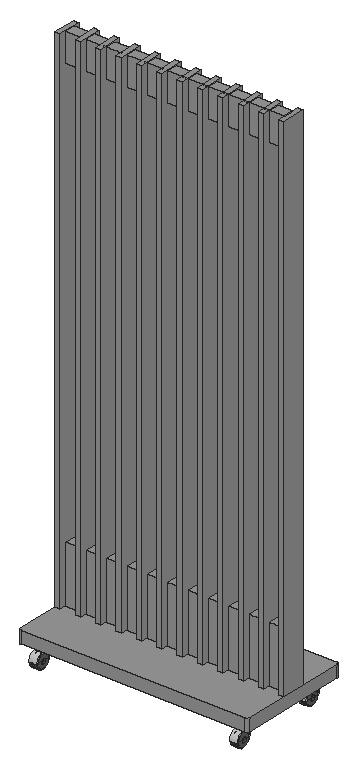
Revit family "ThinkingWall Slatted Screen", category Generic Models, Revit 2023
Family settings
  Can host rebar = No
  Round Connector Dimension = Use Diameter
  Part Type = Normal
  Work Plane-Based = No
  Always vertical = Yes
  Cut with Voids When Loaded = No
  Maintain Annotation Orientation = No
  Shared = No
  Room Calculation Point = No
Parameters (values of type "ThinkingWall® Slatted Screen 800")
  URL = "https://www.logovisual.com/product/whiteboards/thinkingwall/acoustics/thinkingwall-mobile-slatted-screen/"
  Timber Slat = Timber Finish
  No of Slat = 12
  Model = "ThinkingWall® Slatted Screen"
  Manufacturer = "Logovisual LTD"
  Length = 800 mm
  Description = "Mobile slatted office divider to screen work zones flexibly. Part of the ThinkingWall® range for flexible breakout and meeting spaces."
  Default Elevation = 0 mm
Types (4, lengths in mm): name | No of Slat | Length
  (no name) | 12 | 800
  ThinkingWall® Slatted Screen 800 | 12 | 800
  ThinkingWall® Slatted Screen 1200 | 18 | 1200
  ThinkingWall® Slatted Screen 1500 | 22 | 1500
Reference planes
  plane 1 "Center (Front/Back)": y = 0
  plane 2: z = 0
  plane 3 "Center (Left/Right)": x = 0
  plane 4: y = 200
  plane 5: x = 800
  plane 6: y = -200
  plane 7: x = 400
  plane 8: z = 71.5
  plane 9: z = 114.5
  plane 10: y = 18
  plane 11: y = -18
  plane 12: x = 18
  plane 13: x = 782
  plane 14: z = 1871.5
  plane 15: z = 1771.5
Forms (mm)
  Extrusion 1, solid, material "Timber Finish" <- "Timber Slat"
    sketch origin (-511.407, -1524, 71.5) x (-1, 0, 0) y (0, -1, 0)
      loop
        arc (-521.407, -1724) -> (-514.336, -1721.071) -> (-511.407, -1714) r 10
        line (-511.407, -1714) -> (-511.407, -1334)
        arc (-511.407, -1334) -> (-514.336, -1326.929) -> (-521.407, -1324) r 10
        line (-521.407, -1324) -> (-1301.407, -1324)
        arc (-1301.407, -1324) -> (-1308.478, -1326.929) -> (-1311.407, -1334) r 10
        line (-1311.407, -1334) -> (-1311.407, -1714)
        arc (-1311.407, -1714) -> (-1308.478, -1721.071) -> (-1301.407, -1724) r 10
        line (-1301.407, -1724) -> (-521.407, -1724)
    from 0 to 43
  Extrusion 2, solid, material "Timber Finish" <- "Timber Slat"
    sketch origin (-511.407, -1524, 114.5) x (-1, 0, 0) y (0, -1, 0)
      loop
        line (-529.407, -1542) -> (-529.407, -1506) -> (-1293.407, -1506) -> (-1293.407, -1542) -> (-529.407, -1542)
    from 0 to 200
  Extrusion 3, solid, material "Timber Finish" <- "Timber Slat"
    sketch origin (-908.752, -1524, 1771.5) x (-1, 0, 0) y (0, -1, 0)
      loop
        line (-926.752, -1542) -> (-926.752, -1506) -> (-1690.752, -1506) -> (-1690.752, -1542) -> (-926.752, -1542)
    from 43 to 143
Dimensions and locks
  equal spacing: plane 4, plane 1 "Center (Front/Back)", plane 6
  plane 4 to plane 6 = 400 mm
  "Length": plane 3 "Center (Left/Right)" to plane 5
  locked: plane 3 "Center (Left/Right)" to nested 1 at 50
  locked: plane 4 to nested 1 at 50
  equal spacing: plane 3 "Center (Left/Right)", plane 7, plane 5
  locked: plane 4 to nested 2 at 50
  locked: nested 2 to plane 5 at 50
  locked: nested 4 to plane 5 at 50
  locked: plane 3 "Center (Left/Right)" to nested 3 at 50
  locked: plane 6 to nested 3 at 50
  locked: plane 6 to nested 4 at 50
  locked: plane 8 to level at 71.5
  plane 9 to plane 8 = 43 mm
  equal spacing: group 1, group 3, group 4, group 5, group 6, group 7, group 8, group 9, group 10, group 11, group 12, group 2  (x3)
  locked: plane 3 "Center (Left/Right)" to plane 12 at 18
  locked: plane 13 to plane 5 at 18
  plane 14 to plane 8 = 1800 mm
  plane 14 to plane 15 = 100 mm
  plane 10 to plane 1 "Center (Front/Back)" to plane 11 = 18 mm, 18 mm
  aligned and locked: level to plane 2
  aligned and locked: Extrusion 1 sketch curve to plane 4
  aligned and locked: plane 3 "Center (Left/Right)" to Extrusion 1 sketch curve
  aligned and locked: Extrusion 1 sketch curve to plane 6
  aligned and locked: Extrusion 1 sketch curve to plane 5
  aligned and locked: Extrusion 1 to plane 8
  aligned and locked: plane 9 to Extrusion 1
  aligned and locked: plane 5 to nested 6
  aligned and locked: plane 1 "Center (Front/Back)" to nested 6
  aligned and locked: nested 5 to plane 9
  aligned and locked: nested 6 to plane 9
  aligned and locked: Extrusion 2 sketch curve to plane 10
  aligned and locked: plane 12 to Extrusion 2 sketch curve
  aligned and locked: Extrusion 2 sketch curve to plane 11
  aligned and locked: plane 13 to Extrusion 2 sketch curve
  aligned and locked: Extrusion 2 to plane 9
  aligned and locked: plane 12 to Extrusion 3 sketch curve
  aligned and locked: plane 13 to Extrusion 3 sketch curve
  aligned and locked: Extrusion 3 sketch curve to plane 11
  aligned and locked: Extrusion 3 sketch curve to plane 10
Automatic sketch dimensions
  Extrusion 1 sketch curve to plane 13 = 8 mm  (x2)
  Extrusion 1 sketch curve to plane 12 = 8 mm  (x2)
Nested families
  nested 1: "50mm_Caster_Wheel 2" at (50, 150, 0) x (0, 1, 0) z (0, 0, 1), type "50mm_Caster_Wheel 2"
  nested 2: "50mm_Caster_Wheel 2" at (750, 150, 0) x (0, 1, 0) z (0, 0, 1), type "50mm_Caster_Wheel 2"
  nested 3: "50mm_Caster_Wheel 2" at (50, -150, 0) x (0, 1, 0) z (0, 0, 1), type "50mm_Caster_Wheel 2"
  nested 4: "50mm_Caster_Wheel 2" at (750, -150, 0) x (0, 1, 0) z (0, 0, 1), type "50mm_Caster_Wheel 2"
  nested 5: "Slat" at (0, 0, 114.5), type "Slat"
    with Height 1800 mm
  nested 6: "Slat" at (782, 0, 114.5), type "Slat"
    with Height 1800 mm
  nested 7: "Slat" at (71.091, 0, 114.5), type "Slat"
    with Height 1800 mm
  nested 8: "Slat" at (142.182, 0, 114.5), type "Slat"
    with Height 1800 mm
  nested 9: "Slat" at (213.273, 0, 114.5), type "Slat"
    with Height 1800 mm
  nested 10: "Slat" at (284.364, 0, 114.5), type "Slat"
    with Height 1800 mm
  nested 11: "Slat" at (355.455, 0, 114.5), type "Slat"
    with Height 1800 mm
  nested 12: "Slat" at (426.545, 0, 114.5), type "Slat"
    with Height 1800 mm
  nested 13: "Slat" at (497.636, 0, 114.5), type "Slat"
    with Height 1800 mm
  nested 14: "Slat" at (568.727, 0, 114.5), type "Slat"
    with Height 1800 mm
  nested 15: "Slat" at (639.818, 0, 114.5), type "Slat"
    with Height 1800 mm
  nested 16: "Slat" at (710.909, 0, 114.5), type "Slat"
    with Height 1800 mm
Definition of nested family "50mm_Caster_Wheel 2"
  Parameters (values of type "50mm_Caster_Wheel 2")
    Default Elevation = 0 mm
  Reference planes
    plane 1 "Center (Front/Back)": y = 0
    plane 2: z = 0
    plane 3 "Center (Left/Right)": x = 0
    plane 4 "VWhlCntr": x = -22
    plane 5 "WhlCntr": z = 25
    plane 6: z = 56.73
    plane 7: z = 55.23
  Forms (mm)
    Revolve 1, solid
      sketch origin (0, 0, 25) x (-1, 0, 0) y (0, -1, 0)
        loop
          line (45.5, 13.5) -> (29.872, 13.5) -> (30.032, 14.411)
          arc (30.032, 14.411) -> (29.873, 15.004) -> (29.317, 15.263) r 0.727
          line (29.317, 15.263) -> (22, 15.263) -> (22, 4.169) -> (47, 4.169) -> (47, 12)
          arc (47, 12) -> (46.561, 13.061) -> (45.5, 13.5) r 1.5
        loop
          arc (45.5, -13.5) -> (46.561, -13.061) -> (47, -12) r 1.5
          line (47, -12) -> (47, -4.169) -> (22, -4.169) -> (22, -15.263) -> (29.317, -15.263)
          arc (29.317, -15.263) -> (29.873, -15.004) -> (30.032, -14.411) r 0.727
          line (30.032, -14.411) -> (29.872, -13.5) -> (45.5, -13.5)
        axis (22, 15.263) -> (22, -15.263)
      angle from 0 to 360
    Revolve 2, solid
      sketch origin (0, 0, 25) x (-1, 0, 0) y (0, -1, 0)
        loop
          line (22, 3.174) -> (33.047, 3.174)
          arc (33.047, 3.174) -> (32.755, 3.878) -> (32.052, 4.169) r 0.995
          line (32.052, 4.169) -> (22, 4.169) -> (22, 3.174)
        loop
          line (22, -3.174) -> (22, -4.169) -> (32.052, -4.169)
          arc (32.052, -4.169) -> (32.755, -3.878) -> (33.047, -3.174) r 0.995
          line (33.047, -3.174) -> (22, -3.174)
        axis (22, 4.169) -> (22, -4.169)
      angle from 0 to 360
    Revolve 3, solid
      sketch origin (0, 0, 0) x (1, 0, 0) y (0, 0, 1)
        loop
          line (0, 60) -> (21.525, 60) -> (21.525, 62.198)
          arc (21.525, 62.198) -> (20.577, 63.345) -> (19.43, 64.292) r 7.866
          arc (19.43, 64.292) -> (16.996, 68.264) -> (12.416, 67.416) r 4.113
          line (12.416, 67.416) -> (10, 65) -> (10, 70) -> (0, 70) -> (0, 60)
        axis (0, 60) -> (0, 70)
      angle from 0 to 360
    Extrusion 4, solid
      sketch origin (0, 0, 0) x (1, 0, 0) y (0, 0, 1)
        loop
          circle (-22, 25) r 2.964
      from -12.5 to 12.5
    Extrusion 5, solid
      sketch origin (0, 0, 70) x (1, 0, 0) y (0, 1, 0)
        loop
          line (-25, 25) -> (-25, -25) -> (25, -25) -> (25, 25) -> (-25, 25)
      from 0 to 1.5
    Extrusion 6, solid
      sketch origin (0, 0, 0) x (1, 0, 0) y (0, 0, 1)
        loop
          line (-49.398, 25.312) -> (-47.348, 25.312)
          arc (-47.348, 25.312) -> (-22.059, 50.601) -> (3.229, 25.313) r 25.288
          line (3.229, 25.313) -> (5.279, 25.313)
          arc (5.279, 25.313) -> (-22.059, 52.651) -> (-49.398, 25.312) r 27.339
      from -13.5 to 13.5
    Extrusion 7, solid
      sketch origin (0, 0, 0) x (1, 0, 0) y (0, 0, 1)
        loop
          arc (-22.059, 52.651) -> (-2.728, 44.644) -> (5.279, 25.312) r 27.339
          line (5.279, 25.312) -> (5.279, 60) -> (-22.059, 60) -> (-22.059, 52.651)
      from -13.5 to 13.5
  Dimensions and locks
    plane 3 "Center (Left/Right)" to plane 4 "VWhlCntr" = 22 mm
    Revolve 3 to level = 70 mm
    Revolve 3 to plane 2 = 70 mm
    diameter of Revolve 1 = 50 mm
    aligned and locked: level to plane 2
Definition of nested family "Slat"
  Parameters (values of type "Slat")
    Slat Material = none
    Height = 1782 mm
    Default Elevation = 0 mm
  Reference planes
    plane 1 "Center (Front/Back)": y = 0
    plane 2: z = 0
    plane 3 "Center (Left/Right)": x = 0
    plane 4: z = 1782
    plane 5: x = 18
    plane 6: y = 40
    plane 7: y = -40
    plane 8: y = 30
    plane 9: y = -30
    plane 10: z = 200
    plane 11: z = 1582
  Forms (mm)
    Extrusion 1, solid, material <- "Slat Material"
      sketch origin (0, 0, 0) x (1, 0, 0) y (0, 1, 0)
        loop
          line (0, 40) -> (0, -40) -> (18, -40) -> (18, 40) -> (0, 40)
      from 0 to 1782
  Dimensions and locks
    plane 4 to level = 1782 mm
    equal spacing: plane 6, plane 1 "Center (Front/Back)", plane 7
    locked: plane 6 to plane 7 at 80
    locked: plane 3 "Center (Left/Right)" to plane 5 at 18
    locked: plane 6 to plane 8 at 10
    locked: plane 7 to plane 9 at 10
    "Height": plane 4 to plane 2
    locked: plane 10 to plane 2 at 200
    locked: plane 4 to plane 11 at 200
    aligned and locked: level to plane 2
    aligned and locked: Extrusion 1 sketch curve to plane 6
    aligned and locked: plane 3 "Center (Left/Right)" to Extrusion 1 sketch curve
    aligned and locked: Extrusion 1 sketch curve to plane 7
    aligned and locked: Extrusion 1 sketch curve to plane 5
    aligned and locked: Extrusion 1 to plane 2
    aligned and locked: plane 4 to Extrusion 1
  Automatic sketch dimensions
    Extrusion 1 sketch curve to plane 3 "Center (Left/Right)" = 0 mm
